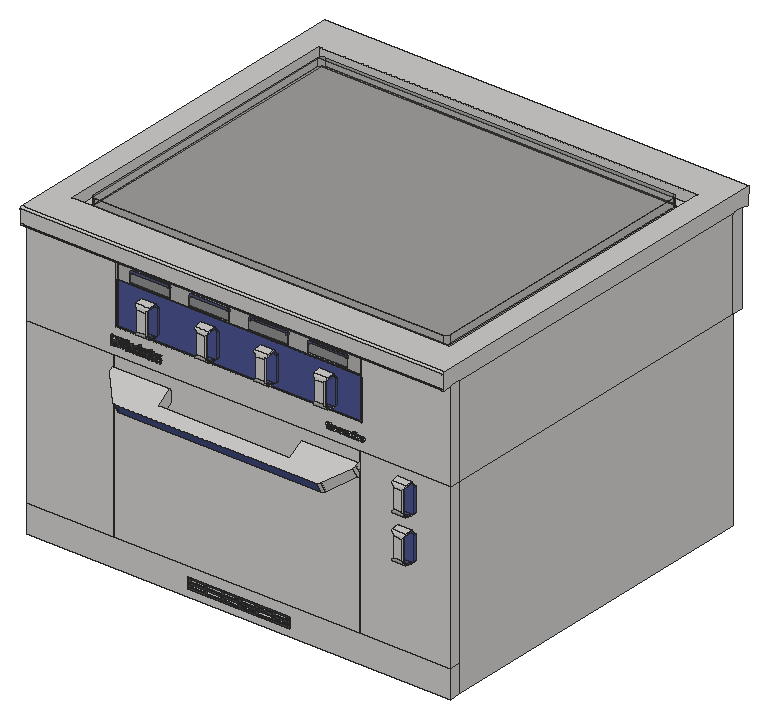
Revit family "QF_ELECTROLUXPROFESSIONAL_589661_MCTGEAJ8AO", category Attrezzature speciali, Revit 2020 (continued)
Definition of nested family "Front_Panel_W1000_4 Knobs"
  Definition of nested family "ELX_Professional_Logo_Small"
    Forms (mm)
      Extrusion 2, solid, material <- "Material_Logo"
        sketch origin (15.5, 0, 0) x (1, 0, 0) y (0, 1, 0)
          loop
            spline (15.638, 1.633) -> (15.586, 2.396) -> (15.435, 3.124) -> (15.192, 3.81) -> (14.863, 4.449) -> (14.455, 5.034) -> (13.975, 5.56) -> (13.43, 6.021) -> (12.826, 6.411) -> (12.17, 6.724) -> (11.469, 6.955) -> (10.729, 7.098) -> (9.958, 7.147)
            spline (9.958, 7.147) -> (9.182, 7.098) -> (8.44, 6.955) -> (7.737, 6.724) -> (7.081, 6.411) -> (6.477, 6.021) -> (5.933, 5.56) -> (5.454, 5.034) -> (5.048, 4.449) -> (4.721, 3.81) -> (4.479, 3.124) -> (4.329, 2.396) -> (4.277, 1.633)
            spline (4.277, 1.633) -> (4.329, 0.869) -> (4.479, 0.141) -> (4.721, -0.544) -> (5.048, -1.183) -> (5.454, -1.768) -> (5.933, -2.294) -> (6.477, -2.755) -> (7.081, -3.145) -> (7.737, -3.459) -> (8.44, -3.69) -> (9.182, -3.833) -> (9.958, -3.882)
            spline (9.958, -3.882) -> (10.729, -3.833) -> (11.469, -3.69) -> (12.17, -3.459) -> (12.826, -3.145) -> (13.43, -2.755) -> (13.975, -2.294) -> (14.455, -1.768) -> (14.863, -1.183) -> (15.192, -0.544) -> (15.435, 0.141) -> (15.586, 0.869) -> (15.638, 1.633)
          loop
            spline (13.18, 1.633) -> (13.151, 2.083) -> (13.067, 2.513) -> (12.932, 2.918) -> (12.748, 3.296) -> (12.52, 3.642) -> (12.251, 3.954) -> (11.943, 4.227) -> (11.601, 4.459) -> (11.228, 4.645) -> (10.828, 4.782) -> (10.403, 4.867) -> (9.958, 4.896)
            spline (9.958, 4.896) -> (9.509, 4.867) -> (9.081, 4.782) -> (8.679, 4.645) -> (8.306, 4.459) -> (7.964, 4.227) -> (7.658, 3.954) -> (7.39, 3.642) -> (7.163, 3.296) -> (6.981, 2.918) -> (6.847, 2.513) -> (6.765, 2.083) -> (6.736, 1.633)
            spline (6.736, 1.633) -> (6.765, 1.182) -> (6.847, 0.753) -> (6.981, 0.347) -> (7.163, -0.031) -> (7.39, -0.377) -> (7.658, -0.689) -> (7.964, -0.962) -> (8.306, -1.193) -> (8.679, -1.38) -> (9.081, -1.517) -> (9.509, -1.602) -> (9.958, -1.631)
            spline (9.958, -1.631) -> (10.403, -1.602) -> (10.828, -1.517) -> (11.228, -1.38) -> (11.601, -1.193) -> (11.943, -0.962) -> (12.251, -0.689) -> (12.52, -0.377) -> (12.748, -0.031) -> (12.932, 0.347) -> (13.067, 0.753) -> (13.151, 1.182) -> (13.18, 1.633)
          loop
            line (17.162, 4.269) -> (17.162, -3.573) -> (19.642, -3.573) -> (19.642, 10.824) -> (17.162, 10.824) -> (17.162, 4.269)
          loop
            line (28.581, 6.838) -> (28.581, 0.786)
            spline (28.581, 0.786) -> (28.561, 0.393) -> (28.503, 0.038) -> (28.409, -0.279) -> (28.281, -0.559) -> (28.122, -0.802) -> (27.933, -1.011) -> (27.717, -1.185) -> (27.476, -1.325) -> (27.213, -1.433) -> (26.929, -1.509) -> (26.626, -1.554) -> (26.308, -1.569)
            spline (26.308, -1.569) -> (25.99, -1.554) -> (25.688, -1.509) -> (25.404, -1.434) -> (25.141, -1.326) -> (24.9, -1.187) -> (24.684, -1.014) -> (24.496, -0.807) -> (24.336, -0.565) -> (24.209, -0.288) -> (24.115, 0.026) -> (24.057, 0.376) -> (24.037, 0.765)
            line (24.037, 0.765) -> (24.037, 6.838) -> (21.537, 6.838) -> (21.537, 0.558)
            spline (21.537, 0.558) -> (21.581, -0.153) -> (21.71, -0.8) -> (21.916, -1.384) -> (22.195, -1.904) -> (22.54, -2.362) -> (22.944, -2.757) -> (23.403, -3.09) -> (23.909, -3.362) -> (24.456, -3.572) -> (25.04, -3.722) -> (25.652, -3.811) -> (26.288, -3.841)
            spline (26.288, -3.841) -> (26.929, -3.811) -> (27.547, -3.72) -> (28.135, -3.568) -> (28.687, -3.355) -> (29.197, -3.079) -> (29.66, -2.741) -> (30.068, -2.341) -> (30.415, -1.877) -> (30.696, -1.349) -> (30.905, -0.757) -> (31.034, -0.101) -> (31.079, 0.621)
            line (31.079, 0.621) -> (31.079, 6.838) -> (28.581, 6.838)
          loop
            line (40.457, -0.243) -> (38.894, 1.942) -> (40.83, 4.579) -> (42.488, 6.837) -> (39.782, 6.837) -> (37.53, 3.719) -> (35.258, 6.837) -> (32.573, 6.837) -> (34.113, 4.731) -> (36.167, 1.922) -> (34.014, -1.076) -> (32.222, -3.573) -> (34.887, -3.573) -> (37.53, 0.104) -> (40.174, -3.573) -> (42.839, -3.573) -> (40.457, -0.243)
          loop
            line (-46.121, -5.837) -> (-48.039, -5.837) -> (-48.039, -10.814) -> (-47.016, -10.814) -> (-47.016, -9.128) -> (-46.121, -9.128)
            arc (-46.121, -9.128) -> (-44.476, -7.482) -> (-46.121, -5.837) r 1.645
          loop
            line (-46.163, -6.778) -> (-47.016, -6.778) -> (-47.016, -8.187) -> (-46.163, -8.187)
            arc (-46.163, -8.187) -> (-45.458, -7.482) -> (-46.163, -6.778) r 0.704
          loop
            line (-38.313, -5.837) -> (-40.265, -5.837) -> (-40.265, -10.814) -> (-39.241, -10.814) -> (-39.241, -9.1) -> (-38.46, -9.182) -> (-37.48, -10.814) -> (-36.318, -10.814) -> (-37.513, -8.848)
            arc (-37.513, -8.848) -> (-36.888, -8.266) -> (-36.671, -7.441) r 1.536
            arc (-36.671, -7.441) -> (-37.165, -6.305) -> (-38.313, -5.837) r 1.643
          loop
            arc (-38.402, -8.166) -> (-37.707, -7.505) -> (-38.334, -6.778) r 0.696
            line (-38.334, -6.778) -> (-39.241, -6.778) -> (-39.241, -8.166) -> (-38.402, -8.166)
          loop
            circle (-29.965, -8.325) r 2.585
          loop
            circle (-29.965, -8.325) r 1.64
          loop
            line (-23.1, -5.837) -> (-23.1, -10.814) -> (-22.076, -10.814) -> (-22.076, -8.768) -> (-20.204, -8.768) -> (-20.204, -7.828) -> (-22.076, -7.828) -> (-22.076, -6.778) -> (-20.024, -6.778) -> (-20.024, -5.837) -> (-23.1, -5.837)
          loop
            line (-15.802, -5.837) -> (-15.802, -9.2)
            arc (-15.802, -9.2) -> (-15.343, -10.34) -> (-14.209, -10.814) r 1.593
            line (-14.209, -10.814) -> (-12.602, -10.814) -> (-12.602, -10.027) -> (-14.004, -10.027)
            arc (-14.004, -10.027) -> (-14.552, -9.8) -> (-14.779, -9.252) r 0.775
            line (-14.779, -9.252) -> (-14.779, -8.424) -> (-12.789, -8.424) -> (-12.789, -7.642) -> (-14.779, -7.642) -> (-14.779, -6.778) -> (-12.651, -6.778) -> (-12.651, -5.837) -> (-15.802, -5.837)
          loop
            line (-5.909, -7.143) -> (-5.173, -6.638)
            arc (-5.173, -6.638) -> (-5.855, -5.974) -> (-6.781, -5.755) r 1.782
            arc (-6.781, -5.755) -> (-7.397, -5.878) -> (-7.944, -6.189) r 1.974
            arc (-7.944, -6.189) -> (-8.202, -6.5) -> (-8.317, -6.888) r 1.013
            arc (-8.317, -6.888) -> (-8.306, -7.341) -> (-8.192, -7.78) r 1.985
            arc (-8.192, -7.78) -> (-7.749, -8.259) -> (-7.171, -8.563) r 1.928
            arc (-7.171, -8.563) -> (-6.637, -8.779) -> (-6.131, -9.056) r 5.041
            arc (-6.131, -9.056) -> (-5.934, -9.387) -> (-6.09, -9.74) r 0.42
            arc (-6.09, -9.74) -> (-6.631, -9.96) -> (-7.204, -9.845) r 1.016
            arc (-7.204, -9.845) -> (-7.625, -9.603) -> (-7.889, -9.196) r 1.033
            line (-7.889, -9.196) -> (-8.67, -9.686)
            arc (-8.67, -9.686) -> (-8.361, -10.198) -> (-7.908, -10.589) r 1.914
            arc (-7.908, -10.589) -> (-7.334, -10.834) -> (-6.714, -10.896) r 2.063
            arc (-6.714, -10.896) -> (-5.947, -10.743) -> (-5.256, -10.376) r 2.696
            arc (-5.256, -10.376) -> (-4.95, -9.565) -> (-5.108, -8.712) r 1.618
            arc (-5.108, -8.712) -> (-5.448, -8.319) -> (-5.884, -8.035) r 1.876
            arc (-5.884, -8.035) -> (-6.434, -7.789) -> (-6.999, -7.577) r 9.883
            arc (-6.999, -7.577) -> (-7.325, -7.07) -> (-6.854, -6.694) r 0.45
            arc (-6.854, -6.694) -> (-6.329, -6.809) -> (-5.909, -7.143) r 1.197
          loop
            line (1.61, -7.143) -> (2.345, -6.638)
            arc (2.345, -6.638) -> (1.663, -5.974) -> (0.737, -5.755) r 1.782
            arc (0.737, -5.755) -> (0.121, -5.878) -> (-0.425, -6.189) r 1.974
            arc (-0.425, -6.189) -> (-0.683, -6.5) -> (-0.799, -6.888) r 1.013
            arc (-0.799, -6.888) -> (-0.788, -7.341) -> (-0.674, -7.78) r 1.985
            arc (-0.674, -7.78) -> (-0.231, -8.259) -> (0.347, -8.563) r 1.928
            arc (0.347, -8.563) -> (0.881, -8.779) -> (1.387, -9.056) r 5.041
            arc (1.387, -9.056) -> (1.584, -9.387) -> (1.428, -9.74) r 0.42
            arc (1.428, -9.74) -> (0.887, -9.96) -> (0.314, -9.845) r 1.016
            arc (0.314, -9.845) -> (-0.107, -9.603) -> (-0.371, -9.196) r 1.033
            line (-0.371, -9.196) -> (-1.152, -9.686)
            arc (-1.152, -9.686) -> (-0.842, -10.198) -> (-0.39, -10.589) r 1.914
            arc (-0.39, -10.589) -> (0.184, -10.834) -> (0.804, -10.896) r 2.063
            arc (0.804, -10.896) -> (1.572, -10.743) -> (2.263, -10.376) r 2.696
            arc (2.263, -10.376) -> (2.568, -9.565) -> (2.411, -8.712) r 1.618
            arc (2.411, -8.712) -> (2.07, -8.319) -> (1.635, -8.035) r 1.876
            arc (1.635, -8.035) -> (1.084, -7.789) -> (0.519, -7.577) r 9.883
            arc (0.519, -7.577) -> (0.193, -7.07) -> (0.665, -6.694) r 0.45
            arc (0.665, -6.694) -> (1.189, -6.809) -> (1.61, -7.143) r 1.197
          loop
            line (6.801, -5.837) -> (6.801, -10.814) -> (7.825, -10.814) -> (7.825, -5.837) -> (6.801, -5.837)
          loop
            circle (14.724, -8.325) r 1.548
          loop
            circle (14.724, -8.325) r 2.585
          loop
            line (21.59, -10.814) -> (22.623, -10.814) -> (22.623, -7.685) -> (24.9, -10.814) -> (25.895, -10.814) -> (25.895, -5.837) -> (24.861, -5.837) -> (24.861, -9.061) -> (22.585, -5.837) -> (21.59, -5.837) -> (21.59, -10.814)
          loop
            line (31.054, -10.814) -> (31.539, -9.74) -> (33.38, -9.74) -> (33.865, -10.814) -> (34.965, -10.814) -> (32.46, -5.837) -> (29.956, -10.814) -> (31.054, -10.814)
          loop
            line (32.46, -7.698) -> (31.999, -8.719) -> (32.921, -8.719) -> (32.46, -7.698)
          loop
            line (40.047, -9.873) -> (40.047, -5.837) -> (39.024, -5.837) -> (39.024, -10.814) -> (41.961, -10.814) -> (41.961, -9.873) -> (40.047, -9.873)
          loop
            line (-74.986, -10.814) -> (-53.322, -10.814) -> (-53.322, 10.82) -> (-74.986, 10.82) -> (-74.986, -10.814)
          loop
            line (-61.261, 9.758) -> (-61.261, -9.707)
            arc (-61.261, -9.707) -> (-54.066, 0.025) -> (-61.261, 9.758) r 10.18
          loop
            line (-62.251, 8.349) -> (-62.251, 9.758)
            arc (-62.251, 9.758) -> (-70.347, 7.918) -> (-74.247, 0.59) r 9.976
            line (-74.247, 0.59) -> (-71.026, 0.59)
            arc (-71.026, 0.59) -> (-65.274, 2.925) -> (-62.251, 8.349) r 9.351
          loop
            arc (-74.247, -0.539) -> (-70.353, -7.928) -> (-62.251, -9.957) r 10.237
            line (-62.251, -9.957) -> (-62.251, -8.298)
            arc (-62.251, -8.298) -> (-65.274, -2.874) -> (-71.026, -0.539) r 9.351
            line (-71.026, -0.539) -> (-74.247, -0.539)
        from 0 to 1.644
    Dimensions and locks
      aligned and locked: plane 2 to Extrusion 1
      aligned and locked: level to Extrusion 1
